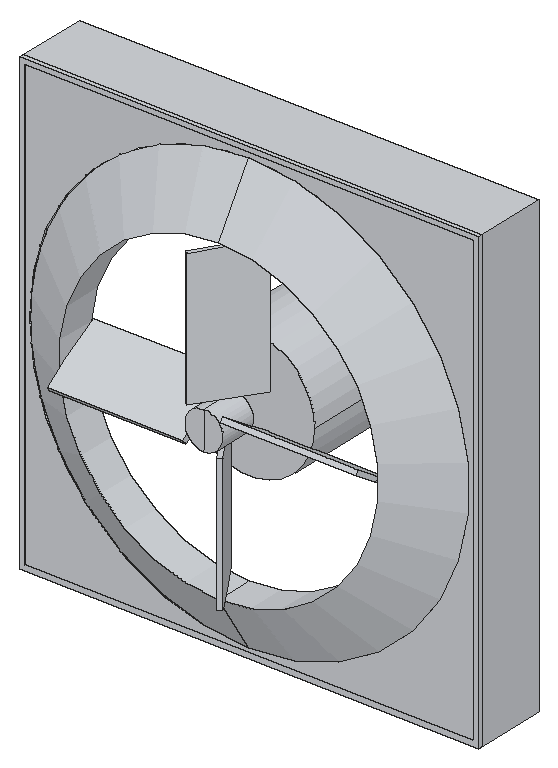
Revit family "XWD", category Mechanical Equipment, Revit 2019
Family settings
  Round Connector Dimension = Use Diameter
  Part Type = Normal
  Work Plane-Based = No
  Always vertical = Yes
  Cut with Voids When Loaded = No
  Shared = No
  Room Calculation Point = No
Parameters (values of type "8_XWD")
  Unit Weight [instance] = ""
  Sones [instance] = ""
  SIZE/2 = SIZE / 2  # 0' - 4"
  SIZE = 0' - 8"
  Motor RPM [instance] = ""
  Motor Enclosure [instance] = ""
  ModelID [instance] = ""
  LwA [instance] = ""
  Fan RPM [instance] = ""
  F = 0' - 0 1/2"
  D/2 = D / 2  # 0' - 4 1/4"
  Accessories [instance] = ""
  (D-.25")/2 = (D - 0' 0 1/4") / 2  # 0' - 4 1/8"
  D = 0' - 8 1/2"
  C+F = C + F  # 0' - 1 1/2"
  (E-C)/2 = (EMINUSC) / 2  # 0' - 1"
  EMINUSC = 0' - 2"
  C/2 = C / 2  # 0' - 0 1/2"
  C = 0' - 1"
  B/2 = B / 2  # 0' - 2 3/8"
  B = 0' - 4 3/4"
  A/7 = A / 7  # 0' - 1.74107"
  A/3.5 = A / 3.5  # 0' - 3.48214"
  A/2 = A / 2  # 0' - 6 3/32"
  A = 1' - 0 3/16"
  9" = 0' - 9"  # constant formula
  3" = 0' - 3"  # constant formula
  Brake Hp [instance] = ""
  4" = 0' - 4"  # constant formula
  2' = 2' - 0"
  2" = 0' - 2"  # constant formula
  1" = 0' - 1"  # constant formula
  0 = 0' - 0"  # constant formula
  Voltage [instance] = 0 V
  URL = "www.lorencook.com"
  Type Comments = "Wall Exhaust Fan Cast Aluminum Propeller Direct Drive"  # constant formula
  Static Pressure [instance] = 0.00 in-wg
  Power [instance] = Voltage * Motor FLA * sqrt(if(Phase = 3, 3, 1))  # 0 VA
  Phase [instance] = 0
  Number of Poles [instance] = 1
  Motor Hp [instance] = "0"
  Motor FLA [instance] = 0 A
  Model = "AWD"  # constant formula
  Manufacturer = "Loren Cook Company"
  CFM [instance] = 0 CFM
  1.5 = 0' - 1 1/2"  # constant formula
  1/2 = 0' - 0 1/2"  # constant formula
  ONE EIGTH = 0' - 0 1/8"  # constant formula
  -D = -EMINUSC  # -0' - 2"
  -C/2 = -C / 2  # -0' - 0 1/2"
  -B+1" = -B + 0' 1"  # -0' - 3 3/4"
  -B = -B  # -0' - 4 3/4"
  -((SIZE/2)-.25") = -((SIZE / 2) - 0' 0 1/4")  # -0' - 3 3/4"
  -((A/2)-C-.5") = -((A / 2) - C - 0' 0 1/2")  # -0' - 4 19/32"
  (SIZE/2)-.25" = (SIZE / 2) - 0' 0 1/4"  # 0' - 3 3/4"
  (A/2)-C-.5" = (A / 2) - C - 0' 0 1/2"  # 0' - 4 19/32"
  (A/2)-1" = (A / 2) - 0' 0 1/4"  # 0' - 5 27/32"
Types (9): name | SIZE/2 | SIZE | F | D/2 | (D-.25")/2 | D | C+F | C/2 | C | B/2 | B | A/7 | A/3.5 | A/2 | A | -C/2 | -B+1" | -B | -((SIZE/2)-.25") | -((A/2)-C-.5") | (SIZE/2)-.25" | (A/2)-C-.5" | (A/2)-1"
  (no name) | 0' - 4" | 0' - 8" | 0' - 0 1/2" | 0' - 4 1/4" | 0' - 4 1/8" | 0' - 8 1/2" | 0' - 1 1/2" | 0' - 0 1/2" | 0' - 1" | 0' - 2 3/8" | 0' - 4 3/4" | 0' - 1.74107" | 0' - 3.48214" | 0' - 6 3/32" | 1' - 0 3/16" | -0' - 0 1/2" | -0' - 3 3/4" | -0' - 4 3/4" | -0' - 3 3/4" | -0' - 4 19/32" | 0' - 3 3/4" | 0' - 4 19/32" | 0' - 5 27/32"
  12_XWD | 0' - 6" | 1' - 0" | 0' - 1 1/16" | 0' - 6 1/4" | 0' - 6 1/8" | 1' - 0 1/2" | 0' - 2 13/16" | 0' - 0 7/8" | 0' - 1 3/4" | 0' - 3 3/4" | 0' - 7 1/2" | 0' - 2 5/16" | 0' - 4 5/8" | 0' - 8 3/32" | 1' - 4 3/16" | -0' - 0 7/8" | -0' - 6 1/2" | -0' - 7 1/2" | -0' - 5 3/4" | -0' - 5 27/32" | 0' - 5 3/4" | 0' - 5 27/32" | 0' - 7 27/32"
  16_XWD | 0' - 8" | 1' - 4" | 0' - 1 1/4" | 0' - 8 1/4" | 0' - 8 1/8" | 1' - 4 1/2" | 0' - 3 3/4" | 0' - 1 1/4" | 0' - 2 1/2" | 0' - 4 1/4" | 0' - 8 1/2" | 0' - 2.88393" | 0' - 5.76786" | 0' - 10 3/32" | 1' - 8 3/16" | -0' - 1 1/4" | -0' - 7 1/2" | -0' - 8 1/2" | -0' - 7 3/4" | -0' - 7 3/32" | 0' - 7 3/4" | 0' - 7 3/32" | 0' - 9 27/32"
  20_XWD | 0' - 10" | 1' - 8" | 0' - 1 3/8" | 0' - 10 5/16" | 0' - 10 3/16" | 1' - 8 5/8" | 0' - 4 1/8" | 0' - 1 3/8" | 0' - 2 3/4" | 0' - 4 7/8" | 0' - 9 3/4" | 0' - 3.45536" | 0' - 6.91071" | 1' - 0 3/32" | 2' - 0 3/16" | -0' - 1 3/8" | -0' - 8 3/4" | -0' - 9 3/4" | -0' - 9 3/4" | -0' - 8 27/32" | 0' - 9 3/4" | 0' - 8 27/32" | 0' - 11 27/32"
  24_XWD | 1' - 0" | 2' - 0" | 0' - 1 5/16" | 1' - 0 3/8" | 1' - 0 1/4" | 2' - 0 3/4" | 0' - 4 1/16" | 0' - 1 3/8" | 0' - 2 3/4" | 0' - 4 7/8" | 0' - 9 3/4" | 0' - 4 5/16" | 0' - 8 5/8" | 1' - 3 3/32" | 2' - 6 3/16" | -0' - 1 3/8" | -0' - 8 3/4" | -0' - 9 3/4" | -0' - 11 3/4" | -0' - 11 27/32" | 0' - 11 3/4" | 0' - 11 27/32" | 1' - 2 27/32"
  14_XWD | 0' - 7" | 1' - 2" | 0' - 1 3/8" | 0' - 7 1/4" | 0' - 7 1/8" | 1' - 2 1/2" | 0' - 3 7/8" | 0' - 1 1/4" | 0' - 2 1/2" | 0' - 4 1/4" | 0' - 8 1/2" | 0' - 2.88393" | 0' - 5.76786" | 0' - 10 3/32" | 1' - 8 3/16" | -0' - 1 1/4" | -0' - 7 1/2" | -0' - 8 1/2" | -0' - 6 3/4" | -0' - 7 3/32" | 0' - 6 3/4" | 0' - 7 3/32" | 0' - 9 27/32"
  18_XWD | 0' - 9" | 1' - 6" | 0' - 1 1/4" | 0' - 9 1/4" | 0' - 9 1/8" | 1' - 6 1/2" | 0' - 4" | 0' - 1 3/8" | 0' - 2 3/4" | 0' - 4 7/8" | 0' - 9 3/4" | 0' - 3.45536" | 0' - 6.91071" | 1' - 0 3/32" | 2' - 0 3/16" | -0' - 1 3/8" | -0' - 8 3/4" | -0' - 9 3/4" | -0' - 8 3/4" | -0' - 8 27/32" | 0' - 8 3/4" | 0' - 8 27/32" | 0' - 11 27/32"
  10_XWD | 0' - 5" | 0' - 10" | 0' - 1 1/8" | 0' - 5 1/4" | 0' - 5 1/8" | 0' - 10 1/2" | 0' - 2 5/8" | 0' - 0 3/4" | 0' - 1 1/2" | 0' - 2 3/4" | 0' - 5 1/2" | 0' - 2 5/16" | 0' - 4 5/8" | 0' - 8 3/32" | 1' - 4 3/16" | -0' - 0 3/4" | -0' - 4 1/2" | -0' - 5 1/2" | -0' - 4 3/4" | -0' - 6 3/32" | 0' - 4 3/4" | 0' - 6 3/32" | 0' - 7 27/32"
  8_XWD | 0' - 4" | 0' - 8" | 0' - 0 1/2" | 0' - 4 1/4" | 0' - 4 1/8" | 0' - 8 1/2" | 0' - 1 1/2" | 0' - 0 1/2" | 0' - 1" | 0' - 2 3/8" | 0' - 4 3/4" | 0' - 1.74107" | 0' - 3.48214" | 0' - 6 3/32" | 1' - 0 3/16" | -0' - 0 1/2" | -0' - 3 3/4" | -0' - 4 3/4" | -0' - 3 3/4" | -0' - 4 19/32" | 0' - 3 3/4" | 0' - 4 19/32" | 0' - 5 27/32"
Reference planes (in)
  plane 1 "Center (Front/Back)": y = 0
  plane 2: z = 0
  plane 3 "Center (Left/Right)": x = 0.40541
Forms (in)
  Revolve 1, solid
    sketch origin (0.40541, 0, 0) x (0, 1, 0) y (0, 0, 1)
      loop
        line (-1.5, 0.5) -> (-1.5, 0) -> (-0.5, 0) -> (-0.5, 0.5) -> (-1.5, 0.5)
      axis (-1.5, 0) -> (-0.5, 0)
    angle from 0 to 360
  Extrusion 2, solid
    sketch origin (0.40541, 0, 0) x (0, 1, 0) y (0, 0, 1)
      loop
        line (0, -0.5) -> (-1.5, 0.5) -> (-1.56934, 0.39599) -> (-0.06934, -0.60401) -> (0, -0.5)
    from 30 to 0.5 <- "C/2"
  Extrusion 3, solid
    sketch origin (0.40541, 0, 0) x (0, 1, 0) y (-1, 0, 0)
      loop
        line (0, -0.5) -> (-1.5, 0.5) -> (-1.56934, 0.39599) -> (-0.06934, -0.60401) -> (0, -0.5)
    from 30 to 0.5 <- "C/2"
  Extrusion 4, solid
    sketch origin (0.40541, 0, 0) x (0, 1, 0) y (0, 0, -1)
      loop
        line (0, -0.5) -> (-1.5, 0.5) -> (-1.56934, 0.39599) -> (-0.06934, -0.60401) -> (0, -0.5)
    from 30 to 0.5 <- "C/2"
  Extrusion 5, solid
    sketch origin (0.40541, 0, 0) x (1, 0, 0) y (0, 1, 0)
      loop
        line (-0.5, 0) -> (-0.60401, -0.06934) -> (0.39599, -1.56934) -> (0.5, -1.5) -> (-0.5, 0)
    from -30 to -0.5 <- "-C/2"
  Extrusion 6, void
    sketch origin (0, 0, 0) x (1, 0, 0) y (0, 0, 1)
      loop
        circle (0.40541, 0) r 4.125
      loop
        circle (0.40541, 0) r 40
    from 0 to 9 <- "9""
  Extrusion 7, solid
    sketch origin (0, 0, 0) x (1, 0, 0) y (0, 0, 1)
      loop
        line (-5.68834, 6.09375) -> (-5.68834, -6.09375) -> (6.49916, -6.09375) -> (6.49916, 6.09375) -> (-5.68834, 6.09375)
      loop
        circle (0.40541, 0) r 5.84375
    from 0 to -0.125
  Extrusion 8, solid
    sketch origin (0, 0, 0) x (1, 0, 0) y (0, 0, 1)
      loop
        line (-5.68834, 6.09375) -> (-5.68834, -6.09375) -> (6.49916, -6.09375) -> (6.49916, 6.09375) -> (-5.68834, 6.09375)
      loop
        line (6.37416, -5.96875) -> (6.37416, 5.96875) -> (-5.56334, 5.96875) -> (-5.56334, -5.96875) -> (6.37416, -5.96875)
    from 0 to -2 <- "-D"
  Extrusion 9, solid
    sketch origin (0, 0, 0) x (1, 0, 0) y (0, 0, 1)
      loop
        circle (0.40541, 0) r 1.74107
    from 0 to -3.75 <- "-B+1""
  Revolve 10, solid
    sketch origin (0.40541, 0, 0) x (0, 1, 0) y (0, 0, 1)
      loop
        line (0, 5.84375) -> (-1, 4.25) -> (0, 4.25) -> (0, 5.84375)
      axis (-1, 0) -> (0, 0)
    angle from 0 to 360
Cuts and joins
  Extrusion 6 cuts Revolve 1
  Extrusion 6 cuts Extrusion 2
  Extrusion 6 cuts Extrusion 3
  Extrusion 6 cuts Extrusion 4
  Extrusion 6 cuts Extrusion 5
Dimensions and locks (in)
  "0": Revolve 1 sketch curve to level  (x2)
  "C/2": Revolve 1 sketch curve to level
  "C/2": plane 1 "Center (Front/Back)" to Revolve 1 sketch curve
  "1"": Revolve 1 sketch curve to Revolve 1 sketch curve
  "0": Extrusion 2 sketch curve to plane 1 "Center (Front/Back)"
  "C+F": plane 1 "Center (Front/Back)" to Extrusion 2 sketch curve
  "C/2": Extrusion 2 sketch curve to level
  "C/2": level to Extrusion 2 sketch curve
  "ONE EIGTH": Extrusion 2 sketch curve to Extrusion 2 sketch curve
  "ONE EIGTH": Extrusion 3 sketch curve to Extrusion 3 sketch curve
  "ONE EIGTH": Extrusion 4 sketch curve to Extrusion 4 sketch curve
  "ONE EIGTH": Extrusion 5 sketch curve to Extrusion 5 sketch curve
  Extrusion 6 sketch curve to plane 3 "Center (Left/Right)" = 0' - 0"  (x2)
  level to Extrusion 6 sketch curve = 0' - 0"
  Extrusion 6 sketch curve to level = 0' - 0"
  "0": Extrusion 3 sketch curve to plane 1 "Center (Front/Back)"
  "C+F": Extrusion 3 sketch curve to plane 1 "Center (Front/Back)"
  "C/2": plane 3 "Center (Left/Right)" to Extrusion 3 sketch curve
  "C/2": Extrusion 3 sketch curve to plane 3 "Center (Left/Right)"
  "C+F": plane 1 "Center (Front/Back)" to Extrusion 4 sketch curve
  "0": Extrusion 4 sketch curve to plane 1 "Center (Front/Back)"
  "C/2": level to Extrusion 4 sketch curve
  "C/2": Extrusion 4 sketch curve to level
  "0": Extrusion 5 sketch curve to plane 1 "Center (Front/Back)"
  "C+F": Extrusion 5 sketch curve to plane 1 "Center (Front/Back)"
  "C/2": plane 3 "Center (Left/Right)" to Extrusion 5 sketch curve
  "C/2": Extrusion 5 sketch curve to plane 3 "Center (Left/Right)"
  "A/2": plane 3 "Center (Left/Right)" to Extrusion 7 sketch curve
  "A/2": Extrusion 7 sketch curve to plane 3 "Center (Left/Right)"
  "A/2": Extrusion 7 sketch curve to level
  "A/2": level to Extrusion 7 sketch curve
  "0": Extrusion 7 sketch curve to level
  "0": Extrusion 7 sketch curve to plane 3 "Center (Left/Right)"
  "ONE EIGTH": Extrusion 8 sketch curve to Extrusion 8 sketch curve  (x4)
  "A/2": plane 3 "Center (Left/Right)" to Extrusion 8 sketch curve  (x2)
  "A/2": level to Extrusion 8 sketch curve
  "A/2": Extrusion 8 sketch curve to level
  "0": Extrusion 9 sketch curve to level
  "0": Extrusion 9 sketch curve to plane 3 "Center (Left/Right)"
  "0": Revolve 10 sketch curve to plane 1 "Center (Front/Back)"
  "(A/2)-1"": Revolve 10 sketch curve to level
  "D/2": Revolve 10 sketch curve to level
  "0": Revolve 10 sketch curve to level
  "C": plane 1 "Center (Front/Back)" to Revolve 10 sketch curve
  "(D-.25")/2": radius of Extrusion 6 sketch curve
  "(A/2)-1"": radius of Extrusion 7 sketch curve
  "A/7": radius of Extrusion 9 sketch curve
Automatic sketch dimensions
  Revolve 1 sketch curve to plane 1 "Center (Front/Back)" = 0' - 0"
  Revolve 1 sketch curve to Revolve 1 sketch curve = 2' - 2"
  plane 1 "Center (Front/Back)" to Revolve 10 sketch curve = 0' - 1.80178"
  Revolve 10 sketch curve to Revolve 10 sketch curve = 0' - 1.44822"
  radius of Extrusion 6 sketch curve = 3' - 4"
Connectors (in)
  hvac at (0.40541, 2, 0), driven by "A", driven by "A", driven by "CFM"
    settings: on Extrusion 8, index 1, duct flow 0 CFM, flow factor 0, pres drop 0.00 in-wg, loss coef 0, conn angle 0.00°, conn width 12 3/16", conn height 12 3/16", conn diameter 24", duct sys type 3, conn prof type 1, flow config 0, flow direction 2, loss method 0, conn ref index -1, conn util no, is conn primary yes, conn desc ""
  electrical at (0.40541, 3.75, 0), driven by "Number of Poles", driven by "Voltage", driven by "Power"
    settings: on Extrusion 9, index 2, voltage 0 V, apparent load 0 VA, apparent load phase1 0 VA, apparent load phase2 0 VA, apparent load phase3 0 VA, power factor 1, load classification "HVAC", number of poles 1, system type 30, power factor state 1, is connector primary yes, connector utility no, sub classification motor no, connector description ""
